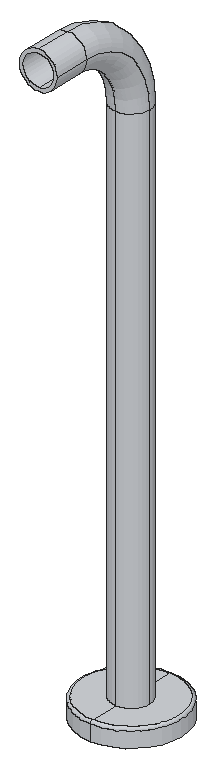
Revit family "Shower-Shower_Arm-KOHLER-K-26322_1", category Plumbing Fixtures, host Face, Revit 2017
Family settings
  Host = Face
  Round Connector Dimension = Use Diameter
  Part Type = Normal
  OmniClass Number = 23.31.17.00
  OmniClass Title = Showers
  Cut with Voids When Loaded = No
  Shared = No
  Room Calculation Point = No
Parameters (values of type "CP-Polished Chrome")
  Width = 2 3/16"  # constant formula
  WaterSense Certified = 1 = 0  # no
  Waste Water Outlet = "Waste Water Outlet"  # constant formula
  Waste Connection = 1 = 0  # no
  Vent Connection = 1 = 0  # no
  URL = "https://www.us.kohler.com/us/"
  Type = 1
  Product Page URL = "http://www.us.kohler.com/us/catalog/productDetails.jsp?productId=26322"
  Product Name = ""
  Product Documentation Link = "https://www.us.kohler.com/webassets/kpna/catalog/pdf/en/K-26322_spec.pdf"
  Pressure = 0.00 psi
  Model = if(Type = 1, "K-26322-CP", if(Type = 2, "K-26322-BN", if(Type = 3, "K-26322-BL", if(Type = 4, "K-26322-2MB", "NA"))))  # "K-26322-CP"
  Material = "Brass Construction"  # constant formula
  Master Format 2014 Name = "Residential Showers"  # constant formula
  Master Format 2014 = "22 42 23"  # constant formula
  Manufacturer Address = "444 Highland Dr, Kohler, WI 53044"  # constant formula
  Manufacturer = "KOHLER Co."  # constant formula
  Length = 13 5/8"  # constant formula
  Hot Water Inlet = "Tempered Water Inlet"  # constant formula
  Height = 2 3/16"  # constant formula
  HW Connection = 1 = 1  # yes
  Flow Rate = 0 GPM
  Finish = Kohler-Metal-CP-Polished_Chrome
  Environmental Product Declaration = ""
  Drain Included = 1 = 0  # no
  Description = "Wall Mount Right Angle 15 Inch"  # constant formula
  Default Elevation = 72"
  Declare Label = ""
  Date Modified = "01/25/2021"  # constant formula
  Date Created = "01/25/2021"  # constant formula
  Copyright = "Copyright KOHLER Co."  # constant formula
  Contact Us = "https://www.us.kohler.com/us/static/contact.jsp"
  Cold Water Inlet = "Cold Water Inlet"  # constant formula
  CW Connection = 1 = 0  # no
  Assembly Code = "D2010700"
  ADA Compliant = 1 = 0  # no
Types (5): name | Type | Model | Finish
  (no name) | 1 | "K-26322-CP" | Kohler-Metal-CP-Polished_Chrome
  CP-Polished Chrome | 1 | "K-26322-CP" | Kohler-Metal-CP-Polished_Chrome
  BN-Vibrant Brushed Nickel | 2 | "K-26322-BN" | Kohler-Metal-BN-Vibrant_Brushed_Nickel
  BL-Matte Black | 3 | "K-26322-BL" | Kohler-Metal-BL-Matte_Black
  2MB-Vibrant Brushed Moderne Brass | 4 | "K-26322-2MB" | Kohler-Metal-2MB-Vibrant_Brushed_Moderne_Brass
Reference planes (in)
  plane 1 "Center (Front/Back)": y = 0
  plane 2: z = 0
  plane 3 "Center (Left/Right)": x = 0
  plane 4: y = 1.09375
  plane 5: y = -1.09375
  plane 6: y = 0.40734
  plane 7: y = -0.40734
  plane 8: x = 1.09375
  plane 9: x = -1.09375
  plane 10: x = 0.40734
  plane 11: x = -0.40734
  plane 12: y = -2.5
  plane 13: z = 14.03234
  plane 14: z = 13.625
  plane 15: z = 13.21766
  plane 16: z = 0.3937
Dimensions and locks (in)
  "Width": plane 9 to plane 8
  "Height": plane 4 to plane 5
  "Length": plane 14 to level
  locked: plane 12 to plane 1 "Center (Front/Back)" at 2.5
  aligned and locked: plane 2 to host face
  aligned and locked: level to host face
  aligned and locked: plane 3 "Center (Left/Right)" to nested 1
  aligned and locked: plane 1 "Center (Front/Back)" to nested 1
Automatic sketch dimensions
  host sketch curve to host sketch curve = 96"  (x2)
Nested families (in)
  nested 1: "K-26322" at (0, 0, 0), type "K-26322"
Connectors (in)
  piping at (0, 0, 0), diameter 0.5, driven by "Flow Rate", driven by "HW Connection", driven by "Hot Water Inlet"
    settings: on nested 1, index 1, connector inside diameter 24", connector length 0", flow factor 0, pipe flow 0 GPM, pressure drop 0.00 psi, fitting loss kfactor 0, connector angle 0.00°, fixture units 0, engagement length 0", angle of deflection 0.00°, flow configuration 0, flow direction 1, fitting loss method 0, system type 19, joint type 0, gender type 0, connector reference index -1, connector utility 1, adjustable connector no, is connector primary yes, connector description "Tempered Water Inlet"
Definition of nested family "K-26322"
  Parameters (values of type "K-26322")
    Material = none
  Reference planes (in)
    plane 1 "Center (Front/Back)": y = 0
    plane 2: z = 0
    plane 3 "Center (Left/Right)": x = 0
    plane 4: x = -1.09375
    plane 5: x = 1.09375
    plane 6: y = 1.09375
    plane 7: y = -1.09375
    plane 8: x = -0.40734
    plane 9: x = 0.40734
    plane 10: y = 0.40734
    plane 11: y = -0.40734
    plane 12: y = -2.5
    plane 13: z = 13.625
    plane 14: z = 0.3937
    plane 15: z = 14.03234
    plane 16: z = 13.21766
  Forms (in)
    Revolve 1, solid, material <- "Material", detail levels medium+fine
      sketch origin (0, 0, 0) x (0, 1, 0) y (0, 0, 1)
        loop
          line (1.09375, 0) -> (1.09375, 0.33716)
          arc (1.09375, 0.33716) -> (1.07719, 0.37714) -> (1.03721, 0.3937) r 0.05654
          line (1.03721, 0.3937) -> (0, 0.3937) -> (0, 0.11027) -> (0.25332, 0.11027)
          arc (0.25332, 0.11027) -> (0.27176, 0.10263) -> (0.2794, 0.08419) r 0.02608
          line (0.2794, 0.08419) -> (0.2794, 0) -> (0.40734, 0) -> (0.40734, 0.24946)
          arc (0.40734, 0.24946) -> (0.41914, 0.27794) -> (0.44762, 0.28974) r 0.04028
          line (0.44762, 0.28974) -> (0.99983, 0.28974)
          arc (0.99983, 0.28974) -> (1.01907, 0.28177) -> (1.02704, 0.26253) r 0.02721
          line (1.02704, 0.26253) -> (1.02704, 0) -> (1.09375, 0)
        axis (0, 0.3937) -> (0, 0)
      angle from 0 to 360
    Sweep 2, solid, material <- "Material", detail levels medium+fine
      path origin (0, 0, 0) x (0, 1, 0) y (0, 0, 1)
        loop
          line (-2.5, 13.625) -> (-1.71277, 13.625)
          arc (-1.71277, 13.625) -> (-0.50166, 13.12334) -> (0, 11.91223) r 1.71277
          line (0, 11.91223) -> (0, 0.3937)
      profile origin (0, 0, 6.15297) x (1, 0, 0) y (0, 1, 0)
        loop
          arc (0, 0.40734) -> (-0.28803, 0.28803) -> (-0.40734, 0) r 0.40734
          arc (-0.40734, 0) -> (-0.28803, -0.28803) -> (0, -0.40734) r 0.40734
          arc (0, -0.40734) -> (0.28803, -0.28803) -> (0.40734, 0) r 0.40734
          arc (0.40734, 0) -> (0.28803, 0.28803) -> (0, 0.40734) r 0.40734
    Revolve 3, void
      sketch origin (0, 0, 0) x (0, 1, 0) y (0, 0, 1)
        loop
          line (-2.62776, 13.96131) -> (-2.62776, 13.625) -> (-1.79287, 13.625) -> (-1.79287, 13.96131) -> (-2.62776, 13.96131)
        axis (-1.79287, 13.625) -> (-2.62776, 13.625)
      angle from 0 to 360
    Extrusion 4, void
      sketch origin (0, 0, 0) x (1, 0, 0) y (0, 0, 1)
        loop
          circle (0, 0.16681) r 0.08419
      from -0.7825 to -1.36199
    Extrusion 5, solid, material <- "Material", detail levels coarse
      sketch origin (0, 0, 0) x (1, 0, 0) y (0, 1, 0)
        loop
          circle (0, 0) r 1.09375
      from 0 to 0.3937
    Sweep 6, solid, material <- "Material", detail levels coarse
      path origin (0, 0, 0) x (0, 1, 0) y (0, 0, 1)
        loop
          line (-2.5, 14.03234) -> (-1.71408, 14.03234)
          arc (-1.71408, 14.03234) -> (-0.21401, 13.41099) -> (0.40734, 11.91092) r 2.12141
          line (0.40734, 11.91092) -> (0.40734, 0.3937)
      profile origin (0, 0.40734, 6.15231) x (1, 0, 0) y (0, 1, 0)
        loop
          circle (0, -0.40734) r 0.40734
  Cuts and joins
    Revolve 3 cuts Sweep 2
    Extrusion 4 cuts Revolve 1
  Lines and regions (in)
    Masking region 1
      outline origin (0, 0, 0) x (0, 1, 0) y (0, 0, 1)
        loop
          arc (1.09375, 0.34019) -> (1.07808, 0.37803) -> (1.04024, 0.3937) r 0.05351
          line (1.04024, 0.3937) -> (0.40734, 0.3937) -> (0.40734, 11.91092)
          arc (0.40734, 11.91092) -> (-0.21401, 13.41099) -> (-1.71408, 14.03234) r 2.12141
          line (-1.71408, 14.03234) -> (-2.5, 14.03234) -> (-2.5, 13.21766) -> (-1.7139, 13.21766)
          arc (-1.7139, 13.21766) -> (-0.79002, 12.83498) -> (-0.40734, 11.9111) r 1.30656
          line (-0.40734, 11.9111) -> (-0.40734, 0.3937) -> (-1.04024, 0.3937)
          arc (-1.04024, 0.3937) -> (-1.07808, 0.37803) -> (-1.09375, 0.34019) r 0.05351
          line (-1.09375, 0.34019) -> (-1.09375, 0) -> (1.09375, 0) -> (1.09375, 0.34019)
    Masking region 2
      outline origin (0, 0, 0) x (1, 0, 0) y (0, 0, 1)
        loop
          arc (1.09375, 0.34019) -> (1.07808, 0.37803) -> (1.04024, 0.3937) r 0.05351
          line (1.04024, 0.3937) -> (0.40734, 0.3937) -> (0.40734, 13.625)
          arc (0.40734, 13.625) -> (0.28803, 13.91303) -> (0, 14.03234) r 0.40734
          arc (0, 14.03234) -> (-0.28803, 13.91303) -> (-0.40734, 13.625) r 0.40734
          line (-0.40734, 13.625) -> (-0.40734, 0.3937) -> (-1.04024, 0.3937)
          arc (-1.04024, 0.3937) -> (-1.07808, 0.37803) -> (-1.09375, 0.34019) r 0.05351
          line (-1.09375, 0.34019) -> (-1.09375, 0) -> (1.09375, 0) -> (1.09375, 0.34019)
    Masking region 3
      outline origin (0, 0, 0) x (1, 0, 0) y (0, 1, 0)
        loop
          arc (0, 1.09375) -> (-0.7734, 0.7734) -> (-1.09375, 0) r 1.09375
          arc (-1.09375, 0) -> (-0.90604, -0.61268) -> (-0.40734, -1.01507) r 1.09375
          line (-0.40734, -1.01507) -> (-0.40734, -2.5) -> (0.40734, -2.5) -> (0.40734, -1.01507)
          arc (0.40734, -1.01507) -> (0.90604, -0.61268) -> (1.09375, 0) r 1.09375
          arc (1.09375, 0) -> (0.7734, 0.7734) -> (0, 1.09375) r 1.09375
    symbolic lines, detail levels medium+fine
      curve 1: line (0, 0.40734, 0.3937) -> (0, -0.40734, 0.3937)
      curve 2: line (0, 1.09375, 0.34019) -> (0, -1.09375, 0.34019)
      curve 3: line (0, -2.44152, 14.03234) -> (0, -2.44152, 13.21766)
      curve 4: line (0, -2.38293, 14.03234) -> (0, -2.38293, 13.21766)
      curve 5: line (0, -2.32433, 14.03234) -> (0, -2.32433, 13.21766)
      curve 6: line (0, -2.26574, 14.03234) -> (0, -2.26574, 13.21766)
      curve 7: line (0, -2.20714, 14.03234) -> (0, -2.20714, 13.21766)
      curve 8: line (0, -2.14855, 14.03234) -> (0, -2.14855, 13.21766)
      curve 9: line (0, -2.08996, 14.03234) -> (0, -2.08996, 13.21766)
      curve 10: line (0, -2.03136, 14.03234) -> (0, -2.03136, 13.21766)
      curve 11: line (0, -1.97277, 14.03234) -> (0, -1.97277, 13.21766)
      curve 12: line (0, -1.91418, 14.03234) -> (0, -1.91418, 13.21766)
      curve 13: line (0.40734, 0, 0.3937) -> (-0.40734, 0, 0.3937)
      curve 14: line (1.09375, 0, 0.34019) -> (-1.09375, 0, 0.34019)
      curve 15: arc (0.08419, 0, 0.16681) -> (0, 0, 0.251) -> (-0.08419, 0, 0.16681) r 0.08419
      curve 16: arc (-0.08419, 0, 0.16681) -> (0, 0, 0.08262) -> (0.08419, 0, 0.16681) r 0.08419
      curve 17: arc (0, 0.40734, 0) -> (-0.28803, 0.28803, 0) -> (-0.40734, 0, 0) r 0.40734
      curve 18: arc (0.40734, 0, 0) -> (0.28803, 0.28803, 0) -> (0, 0.40734, 0) r 0.40734
      curve 19: line (-0.40734, -1.14986, 0) -> (-0.40734, 0, 0)
      curve 20: line (0.40734, -1.09375, 0) -> (0.40734, 0, 0)
      curve 21: arc (0.40734, -0.96931, 0) -> (0, 1.05142, 0) -> (-0.40734, -0.96931, 0) r 1.05142
      curve 22: line (-0.40734, -2.44208, 0) -> (0.40734, -2.44208, 0)
      curve 23: line (-0.40734, -2.38349, 0) -> (0.40734, -2.38349, 0)
      curve 24: line (-0.40734, -2.32489, 0) -> (0.40734, -2.32489, 0)
      curve 25: line (-0.40734, -2.2663, 0) -> (0.40734, -2.2663, 0)
      curve 26: line (-0.40734, -2.20771, 0) -> (0.40734, -2.20771, 0)
      curve 27: line (-0.40734, -2.14911, 0) -> (0.40734, -2.14911, 0)
      curve 28: line (-0.40734, -2.09052, 0) -> (0.40734, -2.09052, 0)
      curve 29: line (-0.40734, -2.03192, 0) -> (0.40734, -2.03192, 0)
      curve 30: line (-0.40734, -1.97333, 0) -> (0.40734, -1.97333, 0)
      curve 31: line (-0.40734, -1.91474, 0) -> (0.40734, -1.91474, 0)
  Dimensions and locks (in)
    plane 12 to plane 1 "Center (Front/Back)" = 2 1/2"
    plane 13 to level = 13 5/8"
    plane 4 to plane 5 = 2 3/16"
    locked: plane 7 to plane 6 at 2.1875
    aligned and locked: plane 2 to level
